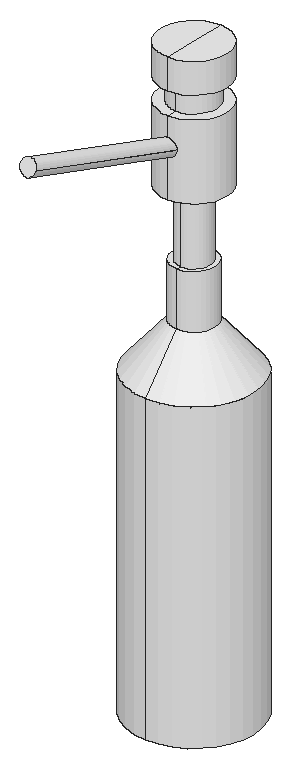
Revit family "PRD_FrankeWS_SoapDpnsrs_SoapDispenser_SD80", category Specialty Equipment, host Face, Revit 2018
Family settings
  Host = Face
  Round Connector Dimension = Use Diameter
  Part Type = Normal
  OmniClass Number = 23.40.20.21.34
  OmniClass Title = Soap Holders, Dispensers
  Cut with Voids When Loaded = No
  Shared = No
  Room Calculation Point = No
Parameters (values of type "SD80")
  WarrantyStartDate [instance] = "1900-12-31T23:59:59"
  WarrantyGuarantorParts = "n/a"
  WarrantyGuarantorLabor = "n/a"
  WarrantyDurationUnit = "year"
  WarrantyDurationParts = "n/a"
  WarrantyDurationLabor = "n/a"
  WarrantyDescription = "n/a"
  Version = "1"
  Uniclass2015Version = "Products v1.5"
  Uniclass2015Title = "Soap dispensers"
  Uniclass2015Code = "Pr_40_70_22_81"
  URL = "www.kwc.com"
  TypeOfSoapContainer = "Integrated refillable tank"
  TypeOfConsumable = "Liquid soap"
  TagNumber [instance] = "n/a"
  SustainabilityPerformance = "n/a"
  Style = "Soap dispenser"
  SoapDispenserMaterial = PRD_AR_ChromatedBrass_HighPolished
  Size = "44 x 400 x 162 mm"
  Shape = "Cylindrical"
  SerialNumber [instance] = "n/a"
  Revision = "n/a"
  ReplacementCost = "n/a"
  ProductInformation = "https://pim.kwc.com/product/2000056721/attachment/datasheet?locale=en"
  Operation = "Manual"
  NominalWidth = 44.00 mm
  NominalLength = 44.00 mm
  NominalHeight = 400.00 mm
  NominalDepth = 162.00 mm
  NetWeight = 1.00 kg
  Name = "Soap dispenser SD80"
  NBSTypeID = "n/a"
  NBSReference = "45-35-72/358"
  NBSOfficeMasterTag = "n/a"
  NBSNote = "n/a"
  NBSDescription = "Soap dispensers"
  NBSCertification = "n/a"
  ModelReference = "SD80"
  ModelNumber = "2000056721"
  Model = ModelReference  # "SD80"
  MaterialsFinishAndColour = "High polished chromated brass"
  MaterialsBody = "Brass"
  Material = "Brass"
  ManufacturerURL = "www.kwc.com"
  ManufacturerName = "KWC Group AG"  # constant formula
  Manufacturer = ManufacturerName  # "KWC Group AG"
  MainColor = "Stainless steel"
  IntegralAccessories = "n/a"
  InstallationDate [instance] = "1900-12-31T23:59:59"
  IfcExportType = "NOTDEFINED"
  IfcExportAs = "IfcFurnitureType"
  GrossWeight = 1.16 kg
  Grade = "n/a"
  Form = "Table top mounted into worktops"
  Finish = "High polished"
  Features = "brass, chromed, counter top mounting, 44x400x162 mm (WxHxD)"
  ExpectedLife = "n/a"
  DurationUnit = "year"
  Description = "Soap dispenser for table top mounting into worktops with max. 45 mm thickness, high polished chromated brass, requires 22 mm drilling hole, 1/2inch. thread, spout not movable, spout length 140 mm, suitable for liquid soaps and lotions, 1 liter soap tank with membrane for pressure balance, filled from above. with standard body lenght (85 mm)"
  Default Elevation = 0.00 mm
  Constituents = "n/a"
  Color = "Chrome"
  CodePerformance = "n/a"
  Category = "Pr_40_70_22_81, Soap dispensers"
  BarCode [instance] = "n/a"
  BIMObjectName = "PRD_AR_SoapDispensers_SoapDispenser_SD80"
  Author = "Archispace"  # constant formula
  AssetType = "Fixed"
  AssetIdentifier [instance] = "n/a"
  AccessibilityPerformance = "n/a"
Reference planes
  plane 1 "Center (Front/Back)": y = 0
  plane 2: z = 0
  plane 3 "Center (Left/Right)": x = 0
Forms (mm)
  Revolve 1, solid, material "PRD_AR_ChromatedBrass_HighPolished" <- "SoapDispenserMaterial", detail levels fine
    sketch origin (0, 0, 0) x (0, 1, 0) y (0, 0, 1)
      loop
        line (10.7, 0) -> (22, 0) -> (22, 50) -> (15.25, 50) -> (15.25, 65) -> (22, 65) -> (22, 85) -> (0, 85) -> (0, -45) -> (10.7, -45) -> (10.7, 0)
      axis (0, -45) -> (0, 85)
    angle from 0 to 360
  Sweep 2, solid, material "PRD_AR_ChromatedBrass_HighPolished" <- "SoapDispenserMaterial", detail levels fine
    path origin (0, 0, 0) x (0, 1, 0) y (0, 0, 1)
      loop
        line (-139.67, 65) -> (-15.751, 23.477)
    profile origin (0, -77.711, 44.239) x (0, 0.317717, 0.948186) y (1, 0, 0)
      loop
        circle (5.5, 0) r 5.5
  Revolve 3, solid, material "PRD_AR_ChromatedBrass_HighPolished" <- "SoapDispenserMaterial", detail levels medium+fine
    sketch origin (0, 0, 0) x (0, 1, 0) y (0, 0, 1)
      loop
        line (0, -315) -> (40, -315) -> (40, -111.3) -> (14, -80.934) -> (14, -45) -> (0, -45) -> (0, -315)
      axis (0, -45) -> (0, -315)
    angle from 0 to 360
  Extrusion 4, void
    sketch origin (0, 0, 0) x (1, 0, 0) y (0, 1, 0)
      loop
        circle (0, 0) r 11
    from 0 to -45
  Revolve 5, solid, material "PRD_AR_ChromatedBrass_HighPolished" <- "SoapDispenserMaterial", detail levels coarse+medium
    sketch origin (0, 0, 0) x (0, 1, 0) y (0, 0, 1)
      loop
        line (22, 85) -> (0, 85) -> (0, -315) -> (40, -315) -> (40, -45) -> (10.7, -45) -> (10.7, 0) -> (22, 0) -> (22, 85)
      axis (0, -315) -> (0, 85)
    angle from 0 to 360
  Sweep 6, solid, material "PRD_AR_ChromatedBrass_HighPolished" <- "SoapDispenserMaterial", detail levels coarse+medium
    path origin (0, 0, 0) x (0, 1, 0) y (0, 0, 1)
      loop
        line (-139.67, 65) -> (-15.25, 65)
    profile origin (0, -77.46, 65) x (0, 0, 1) y (1, 0, 0)
      loop
        circle (5.5, 0) r 5.5
Cuts and joins
  joined: Revolve 1, Sweep 2
  joined: Revolve 5, Sweep 6
Dimensions and locks
  aligned and locked: plane 2 to host face
  aligned and locked: level to host face
